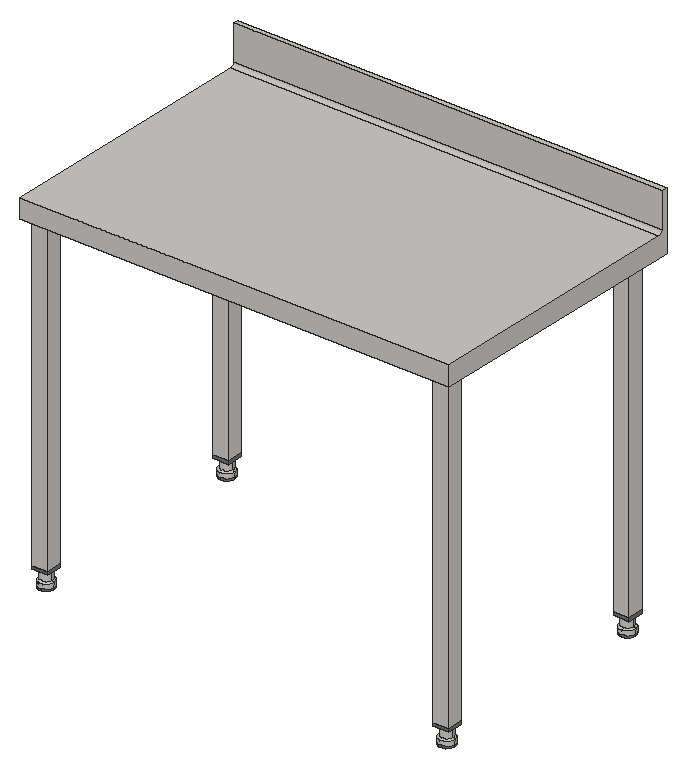
Revit family "QF_ELECTROLUXPROFESSIONAL_133232_TG1110N", category Attrezzature speciali, Revit 2020
Family settings
  Quota connettore circolare = Usa diametro
  Tipo di parte = Normale
  Basato su piano di lavoro = No
  Sempre verticale = Sì
  Taglio con vuoti quando caricato = No
  Condiviso = No
  Punto di calcolo locali = No
Parameters (values of type "Standard")
  Weight = 30.60 kg
  Watts = 0 W
  Volts = 0 V
  URL Manufacturer = "https://www.electroluxprofessional.com/"
  URL = "https://www.electroluxprofessional.com/"
  Steam Supply Size = 0 mm
  Steam Supply Minimum Pressure = 0.0 Pa
  Steam Supply Maximum Pressure = 0.0 Pa
  Steam Consumption per Hour = 0
  Refrigeration Suction Line Size = 0.0 mm
  Refrigeration Liquid Line Size = 0.0 mm
  Refrigerant Compressor Remote = yes
  Prospetto di default = 0.0 mm
  Produttore = "Electrolux Professional"
  Phase = 0
  Modello = "TG1110N"
  Length Actual = 1100.0 mm  # constant formula
  Item Number = "133232"
  Hot Water Size = 0 mm
  Height Actual = 1000.0 mm  # constant formula
  HP = "0 HP"
  Gas Size = 0 mm
  Gas KW = 0
  Gas Input Pressure = 0 W
  Direct Waste Size = 0 mm
  Descrizione = "WORK TABLE WITH UPSTAND 1100 MM"
  Depth Actual = 700.0 mm  # constant formula
  Cycle = 0 Hz
  Condensate Return Size = 0 mm
  Compressed Air Volume = 0.0 L/s
  Compressed Air Size = 0 mm
  Compressed Air Pressure = 0.0 Pa
  Cold Water Size = 0 mm
  Accessory = yes
Reference planes
  plane 1 "Center (Front/Back)": y = 0
  plane 2: z = 0
  plane 3 "Center (Left/Right)": x = -50
  plane 4 "LEFT": x = -600
  plane 5 "RIGHT": x = 500
  plane 6 "BACK": y = 350
  plane 7 "FRONT": y = -350
  plane 8 "Base": z = 850
  plane 9 "TOP": z = 900
  plane 10: x = -564.5
  plane 11: x = 464.5
  plane 12: y = 269.5
  plane 13: y = -310.5
Forms (mm)
  Extrusion 1, solid, material "QF_Finishes_Stainless Steel"
    sketch origin (-50, 0, 0) x (0, 1, 0) y (0, 0, 1)
      loop
        line (-350, 850) -> (350, 850) -> (350, 1000) -> (337, 1000) -> (337, 910)
        arc (337, 910) -> (334.071, 902.929) -> (327, 900) r 10
        line (327, 900) -> (-350, 900) -> (-350, 850)
    from 550 to -550
Lines and regions (mm)
  symbolic lines
    curve 1: line (500, 350, 900) -> (-600, 350, 900)
    curve 2: line (-600, 350, 900) -> (-600, -350, 900)
    curve 3: line (-600, -350, 900) -> (500, -350, 900)
    curve 4: line (500, -350, 900) -> (500, 350, 900)
    curve 5: line (500, 337, 900) -> (-600, 337, 900)
Dimensions and locks
  plane 4 "LEFT" to plane 5 "RIGHT" = 1100.0 mm
  equal spacing: plane 4 "LEFT", plane 3 "Center (Left/Right)", plane 5 "RIGHT"
  locked: plane 8 "Base" to level at 850
  plane 4 "LEFT" to plane 10 = 35.5 mm
  plane 11 to plane 5 "RIGHT" = 35.5 mm
  plane 10 to plane 11 = 1029.0 mm
  locked: Extrusion 1 to level at 1000
  plane 9 "TOP" to level = 900.0 mm
  plane 6 "BACK" to plane 12 = 80.5 mm
  plane 13 to plane 7 "FRONT" = 39.5 mm
  plane 6 "BACK" to plane 7 "FRONT" = 700.0 mm
  plane 12 to plane 13 = 580.0 mm
  equal spacing: plane 6 "BACK", plane 1 "Center (Front/Back)", plane 7 "FRONT"
  aligned and locked: level to plane 2
  aligned and locked: plane 10 to nested 1
  aligned and locked: nested 1 to plane 13
  aligned and locked: plane 11 to nested 2
  aligned and locked: nested 2 to plane 13
  aligned and locked: plane 11 to nested 4
  aligned and locked: nested 4 to plane 12
  aligned and locked: plane 10 to nested 3
  aligned and locked: nested 3 to plane 12
  aligned and locked: Extrusion 1 to plane 4 "LEFT"
  aligned and locked: plane 5 "RIGHT" to Extrusion 1
  aligned and locked: curve 2 to plane 4 "LEFT"
Automatic sketch dimensions
  Extrusion 1 sketch curve to plane 7 "FRONT" = 0.0 mm
  Extrusion 1 sketch curve to plane 9 "TOP" = 0.0 mm
  Extrusion 1 sketch curve to plane 6 "BACK" = 0.0 mm
  Extrusion 1 sketch curve to plane 8 "Base" = 0.0 mm
  plane 9 "TOP" to Extrusion 1 sketch curve = 10.0 mm
  Extrusion 1 sketch curve to plane 6 "BACK" = 13.0 mm
  Extrusion 1 sketch curve to Extrusion 1 sketch curve = 90.0 mm
  curve 3 to plane 7 "FRONT" = 0.0 mm
  curve 5 to plane 5 "RIGHT" = 0.0 mm
  curve 4 to plane 6 "BACK" = 0.0 mm
  curve 5 to plane 6 "BACK" = 13.0 mm
Nested families
  nested 1: "FEET_40x40_APP42" at (-564.5, -310.5, 0), type "FEET_40x40_APP42"
  nested 2: "FEET_40x40_APP42" at (464.5, -310.5, 0), type "FEET_40x40_APP42"
  nested 3: "FEET_40x40_APP42" at (-564.5, 269.5, 0), type "FEET_40x40_APP42"
  nested 4: "FEET_40x40_APP42" at (464.5, 269.5, 0), type "FEET_40x40_APP42"
Definition of nested family "FEET_40x40_APP42"
  Parameters
    Default Elevation = 0.0 mm
    FEET = 850.0 mm
  Reference planes
    plane 1 "Center (Front/Back)": y = 0
    plane 2: z = 0
    plane 3 "Center (Left/Right)": x = 0
    plane 4: z = 850
  Forms (mm)
    Extrusion 1, solid
      sketch origin (0, 0, 0) x (1, 0, 0) y (0, 1, 0)
        loop
          line (-20, -20) -> (20, -20) -> (20, 20) -> (-20, 20) -> (-20, -20)
      from 50 to 845
    Extrusion 2, solid
      sketch origin (0, 0, 0) x (1, 0, 0) y (0, 1, 0)
        loop
          circle (0, 0) r 20
      from 0 to 5
    Extrusion 3, solid
      sketch origin (0, 0, 0) x (1, 0, 0) y (0, 1, 0)
        loop
          line (30, 30) -> (-30, 30) -> (-30, -30) -> (30, -30) -> (30, 30)
      from 845 to 850
    Extrusion 4, solid
      sketch origin (0, 0, 0) x (1, 0, 0) y (0, 1, 0)
        loop
          line (-20, -20) -> (20, -20) -> (20, 20) -> (-20, 20) -> (-20, -20)
      from 50 to 42
    Revolve 5, solid
      sketch origin (0, 0, 0) x (1, 0, 0) y (0, 0, 1)
        loop
          line (0, 42) -> (-15, 42) -> (-15, 20) -> (-20, 15) -> (-20, 5) -> (0, 5) -> (0, 42)
        axis (0, 42) -> (0, 5)
      angle from 0 to 360
  Lines and regions (mm)
    symbolic lines
      curve 1: line (0, -1.503, 0) -> (0, 1.508, 0)
      curve 2: line (1.561, 0, 0) -> (-1.439, 0, 0)
  Dimensions and locks
    "FEET": plane 4 to plane 2
    aligned and locked: level to plane 2
  Automatic sketch dimensions
    plane 1 "Center (Front/Back)" to curve 2 = 0.0 mm
    curve 1 to plane 3 "Center (Left/Right)" = 0.0 mm
    curve 2 to plane 3 "Center (Left/Right)" = 1.439 mm
    plane 3 "Center (Left/Right)" to curve 2 = 1.561 mm
    plane 1 "Center (Front/Back)" to curve 1 = 1.503 mm
    curve 1 to plane 1 "Center (Front/Back)" = 1.508 mm
    Extrusion 1 sketch curve to plane 3 "Center (Left/Right)" = 20.0 mm
    plane 3 "Center (Left/Right)" to Extrusion 1 sketch curve = 20.0 mm
    plane 1 "Center (Front/Back)" to Extrusion 1 sketch curve = 20.0 mm
    Extrusion 1 sketch curve to plane 1 "Center (Front/Back)" = 20.0 mm
    plane 1 "Center (Front/Back)" to Extrusion 2 sketch curve = 0.0 mm
    Extrusion 2 sketch curve to plane 3 "Center (Left/Right)" = 0.0 mm
    Extrusion 3 sketch curve to plane 3 "Center (Left/Right)" = 30.0 mm
    plane 3 "Center (Left/Right)" to Extrusion 3 sketch curve = 30.0 mm
    plane 1 "Center (Front/Back)" to Extrusion 3 sketch curve = 30.0 mm
    Extrusion 3 sketch curve to plane 1 "Center (Front/Back)" = 30.0 mm
    Extrusion 4 sketch curve to plane 3 "Center (Left/Right)" = 20.0 mm
    plane 3 "Center (Left/Right)" to Extrusion 4 sketch curve = 20.0 mm
    plane 1 "Center (Front/Back)" to Extrusion 4 sketch curve = 20.0 mm
    Extrusion 4 sketch curve to plane 1 "Center (Front/Back)" = 20.0 mm
    Revolve 5 sketch curve to plane 3 "Center (Left/Right)" = 0.0 mm  (x2)
    Revolve 5 sketch curve to plane 3 "Center (Left/Right)" = 15.0 mm
    Revolve 5 sketch curve to Revolve 5 sketch curve = 5.0 mm  (x3)
    level to Revolve 5 sketch curve = 5.0 mm
    Revolve 5 sketch curve to Revolve 5 sketch curve = 10.0 mm
    Revolve 5 sketch curve to Revolve 5 sketch curve = 22.0 mm
    Revolve 5 sketch curve to level = 9.561 mm
    radius of Extrusion 2 sketch curve = 20.0 mm
